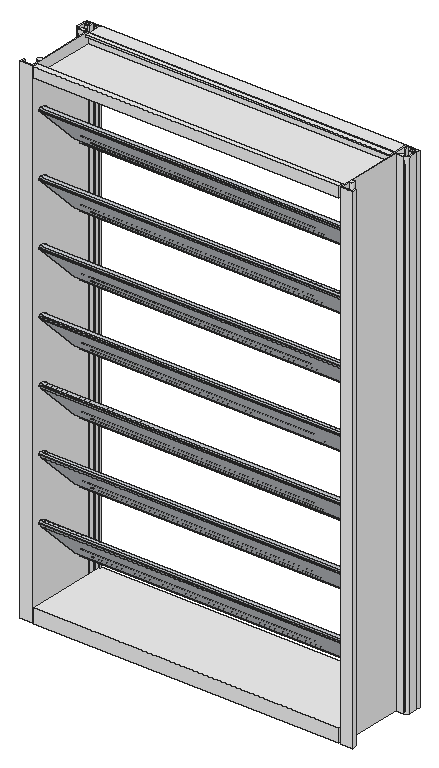
Revit family
Parameters (values of type "EAX-645")
  Width Control = if(Width < Min Width, Min Width, if(Width > Max Width, Max Width, Width))  # 2' - 0"
  Width = 2' - 0"
  Warranty = "http://www.alllite.com/cat/alllite_warranty.pdf"
  Velocity @ .15 in. wg Pressure Loss = "1272 fpm"  # constant formula
  URL = "http://alllite.com/"
  Specification = "http://alllite.com/cat/exa-645%20csi%20specification.doc"
  Screen Frame = "Removable"  # constant formula
  Product URL = "http://alllite.com/catalog.php?model=EXA-645+"
  Pressure Loss @ Beginning Point of Water Penetration = "0.11 in. wg."  # constant formula
  Operating Temperature Range = "-20°F to +180°F (-7°C to +82°C)"  # constant formula
  Omni Class Title = "Exterior Louvers & Grilles"  # constant formula
  Omni Class Code = "23-60 11 17"  # constant formula
  Mullion = "Visible"  # constant formula
  Modeled By [instance] = "http://commensestudio.com/"
  Maximum Size - Multiple Section = "Unlimited"  # constant formula
  Linkage = "Concealed in frame."  # constant formula
  Free Area Velocity @ Beginning Point of Water Penetration = "1085 fpm"  # constant formula
  Free Area = "[48'' x 48'' unit] : 8.1 ft² 50.4%"  # constant formula
  Design Load = "25 psf"  # constant formula
  Screen = "1/2'' x .063'' (12.7 x 1.6) expanded and flattened aluminum"  # constant formula
  Model = "EXA-645"  # constant formula
  Minimum Size = "5'' x 9''"  # constant formula
  Min Width = 1' - 0"  # constant formula
  Min Height = 1' - 0"  # constant formula
  Maximum Size - Single Section = "60' x 96' (single section) Unlimited (multiple section)'"  # constant formula
  Max Width = 5' - 0"  # constant formula
  Max Height = 10' - 0"  # constant formula
  Manufacturer = "All-Lite"  # constant formula
  Louver Count = (Height Control - 0' 4") / 0' 4 7/8"  # 7
  Louver = Mill finish, 6063-T5 Extruded Aluminum
  Height Control = if(Height < Min Height, Min Height, if(Height > Max Height, Max Height, Height))  # 3' - 0"
  Height = 3' - 0"
  Frame = "6'' deep x .081 ga thick (152 x 2) channel"  # constant formula
  Default Height = 4' - 0"
  Cut Sheet = "http://alllite.com/cat/exa-645.pdf"
  Blades = "Front- 37.5° x .081'' (2) thick  drainable style Back- 45° x .125'' (3) thick operable airfoil style"  # constant formula
  Blade Width = Width Control - 0' 2"  # 1' - 10"
  Bearings = "Synthetic"  # constant formula
  Axles = "1/2'' (13) diameter steel hex"  # constant formula
  Assembly Code = "B2010300"
  Air Volume Delivered @ Beginning Point of Water Penetration = "8756 cfm"  # constant formula
  95 CSI = "10200"  # constant formula
  04 CSI = "08 91 00"  # constant formula
Reference planes (in)
  plane 1: y = 0
  plane 2 "Center (Left/Right)": x = 0
  plane 3 "Wall Edge": y = 6
  plane 4: z = 48
  plane 5: x = 12
  plane 6: x = -12
  plane 7 "t": z = 84
  plane 8: z = 83.25
  plane 9: x = 11
  plane 10: x = -11
  plane 11: z = 49
  plane 12: y = 6
  plane 13: z = 81
Forms (in)
  Sweep 1, solid, material "Mill finish, 6063-T5 Extruded Aluminum" <- "Louver"
    path origin (0, 6, 96) x (1, 0, 0) y (0, 0, -1)
      loop
        line (11, 48) -> (-11, 48)
    profile "Frame Profile : 6"" origin (0, 6, 48) x (0, 0, -1) y (0, -1, 0)
      loop
        line (-1, 6) -> (-1, 0) -> (0, 0) -> (0, 0.375) -> (-0.08203, 0.375) -> (-0.08203, 0.08203) -> (-0.91797, 0.08203) -> (-0.91797, 5.91797) -> (-0.08203, 5.91797) -> (-0.08203, 5.625) -> (0, 5.625) -> (0, 6) -> (-1, 6)
  Sweep 2, solid, material "Mill finish, 6063-T5 Extruded Aluminum" <- "Louver"
    path origin (0, 6, 0) x (1, 0, 0) y (0, 0, 1)
      loop
        line (12, 84) -> (12, 48)
    profile "Frame Profile Vertical : 6"" origin (12, 6, 66) x (1, 0, 0) y (0, -1, 0)
      loop
        line (0, 6) -> (-0.88659, 6) -> (-0.88659, 0.99705) -> (-0.69781, 0.99705)
        arc (-0.69781, 0.99705) -> (-0.67078, 0.98739) -> (-0.656, 0.96279) r 0.04264
        arc (-0.656, 0.96279) -> (-0.48357, 0.82272) -> (-0.31357, 0.96572) r 0.17433
        arc (-0.31357, 0.96572) -> (-0.30046, 0.98819) -> (-0.276, 0.99705) r 0.03819
        line (-0.276, 0.99705) -> (-0.22553, 0.99705)
        arc (-0.22553, 0.99705) -> (-0.13235, 0.95845) -> (-0.09375, 0.86526) r 0.13178
        line (-0.09375, 0.86526) -> (-0.09375, 0.40986) -> (-0.42394, 0.40986)
        arc (-0.42394, 0.40986) -> (-0.46463, 0.393) -> (-0.48149, 0.35231) r 0.05755
        line (-0.48149, 0.35231) -> (-0.48149, 0.08203) -> (-0.79284, 0.08203) -> (-0.79284, 0.24255)
        arc (-0.79284, 0.24255) -> (-0.83043, 0.28014) -> (-0.86803, 0.24255) r 0.03759
        line (-0.86803, 0.24255) -> (-0.86803, 0.08203) -> (-1, 0.08203) -> (-1, 0) -> (0, 0) -> (0, 0.22884) -> (-0.08203, 0.22884) -> (-0.08203, 0.18822) -> (-0.1803, 0.18822) -> (-0.1803, 0.08203) -> (-0.31073, 0.08203) -> (-0.31073, 0.18822) -> (-0.40481, 0.18822) -> (-0.40481, 0.33575) -> (0, 0.33575) -> (0, 0.86526)
        arc (0, 0.86526) -> (-0.06606, 1.02474) -> (-0.22553, 1.0908) r 0.22553
        line (-0.22553, 1.0908) -> (-0.79284, 1.0908) -> (-0.79284, 4.97855)
        arc (-0.79284, 4.97855) -> (-0.55111, 5.15618) -> (-0.79284, 5.33381) r 0.18613
        line (-0.79284, 5.33381) -> (-0.79284, 5.91797) -> (-0.08203, 5.91797) -> (-0.08203, 5.70403) -> (0, 5.70403) -> (0, 6)
  Sweep 3, solid, material "Mill finish, 6063-T5 Extruded Aluminum" <- "Louver"
    path origin (0, 6, 0) x (-1, 0, 0) y (0, 0, 1)
      loop
        line (12, 84) -> (12, 48)
    profile "Frame Profile Vertical : 6"" origin (-12, 6, 66) x (1, 0, 0) y (0, -1, 0)
      loop
        line (0, 6) -> (0, 5.70403) -> (0.08203, 5.70403) -> (0.08203, 5.91797) -> (0.79284, 5.91797) -> (0.79284, 5.33381)
        arc (0.79284, 5.33381) -> (0.55111, 5.15618) -> (0.79284, 4.97855) r 0.18613
        line (0.79284, 4.97855) -> (0.79284, 1.0908) -> (0.22553, 1.0908)
        arc (0.22553, 1.0908) -> (0.06606, 1.02474) -> (0, 0.86526) r 0.22553
        line (0, 0.86526) -> (0, 0.33575) -> (0.40481, 0.33575) -> (0.40481, 0.18822) -> (0.31073, 0.18822) -> (0.31073, 0.08203) -> (0.1803, 0.08203) -> (0.1803, 0.18822) -> (0.08203, 0.18822) -> (0.08203, 0.22884) -> (0, 0.22884) -> (0, 0) -> (1, 0) -> (1, 0.08203) -> (0.86803, 0.08203) -> (0.86803, 0.24255)
        arc (0.86803, 0.24255) -> (0.83043, 0.28014) -> (0.79284, 0.24255) r 0.03759
        line (0.79284, 0.24255) -> (0.79284, 0.08203) -> (0.48149, 0.08203) -> (0.48149, 0.35231)
        arc (0.48149, 0.35231) -> (0.46463, 0.393) -> (0.42394, 0.40986) r 0.05755
        line (0.42394, 0.40986) -> (0.09375, 0.40986) -> (0.09375, 0.86526)
        arc (0.09375, 0.86526) -> (0.13235, 0.95845) -> (0.22553, 0.99705) r 0.13178
        line (0.22553, 0.99705) -> (0.276, 0.99705)
        arc (0.276, 0.99705) -> (0.30046, 0.98819) -> (0.31357, 0.96572) r 0.03819
        arc (0.31357, 0.96572) -> (0.48357, 0.82272) -> (0.656, 0.96279) r 0.17433
        arc (0.656, 0.96279) -> (0.67078, 0.98739) -> (0.69781, 0.99705) r 0.04264
        line (0.69781, 0.99705) -> (0.88659, 0.99705) -> (0.88659, 6) -> (0, 6)
  Sweep 4, solid, material "Mill finish, 6063-T5 Extruded Aluminum" <- "Louver"
    path origin (0, 6, 118.72255) x (1, 0, 0) y (0, 0, -1)
      loop
        line (11, 35.47255) -> (-11, 35.47255)
    profile origin (0, 6, 83.25) x (0, 0, -1) y (0, -1, 0)
      loop
        line (-0.75, 0) -> (0.25, 0) -> (1.03899, 0.78899) -> (0.9948, 0.83318) -> (0.22411, 0.0625) -> (-0.6875, 0.0625) -> (-0.6875, 0.9375) -> (2.1875, 0.9375) -> (2.1875, 0.0625) -> (1.13573, 0.0625) -> (1.13573, 0) -> (2.25, 0) -> (2.25, 1) -> (-0.75, 1) -> (-0.75, 0)
  Sweep 5, solid, material "Mill finish, 6063-T5 Extruded Aluminum" <- "Louver"
    path origin (0, 5, 0) x (1, 0, 0) y (0, 0, 1)
      loop
        line (-11, 84) -> (11, 84)
    profile "Frame Profile 3-4 : 5"" origin (0, 5, 84) x (0, 0, 1) y (0, -1, 0)
      loop
        line (-0.75, 5) -> (-0.75, 0) -> (0, 0) -> (0, 0.375) -> (-0.08203, 0.375) -> (-0.08203, 0.08203) -> (-0.66797, 0.08203) -> (-0.66797, 4.91797) -> (-0.08203, 4.91797) -> (-0.08203, 4.625) -> (0, 4.625) -> (0, 5) -> (-0.75, 5)
Lines and regions (in)
  Opening 1
    outline origin (-60, -6, 0) x (1, 0, 0) y (0, 0, 1)
      loop
        line (72, 84) -> (48, 84) -> (48, 48) -> (72, 48) -> (72, 84)
Text (in)
  text "Placement Side" at (0, 40.15149, 123.01588), in view "Right"
  text "Placement Side" at (-70.3804, 28.46503, 0), in view "Ref. Level"
  text "Placement Side" at (0, 81.62555, 140.59947), in view "Left"
Dimensions and locks (in)
  locked: plane 3 "Wall Edge" to host wall
  "Default Height": level to plane 4
  "Height Control": plane 4 to plane 7 "t"
  equal spacing: plane 6, plane 2 "Center (Left/Right)", plane 5
  "Width Control": plane 6 to plane 5
  plane 7 "t" to plane 4 = 3' - 0"
  equal spacing: group 1, group 3, group 4, group 5, group 6, group 7, group 2  (x2)
  equal spacing: group 2, group 7, group 6, group 5, group 4, group 3, group 1
  locked: plane 8 to plane 7 "t" at 0.75
  locked: plane 9 to plane 5 at 1
  locked: plane 10 to plane 6 at 1
  locked: plane 11 to plane 4 at 1
  locked: plane 7 "t" to plane 13 at 3
  aligned and locked: plane 7 "t" to Opening 1 sketch curve
  aligned and locked: Opening 1 sketch curve to plane 5
  aligned and locked: Opening 1 sketch curve to plane 4
  aligned and locked: plane 6 to Opening 1 sketch curve
  aligned and locked: Sweep 1 sketch curve to plane 4
  aligned and locked: Sweep 2 sketch curve to plane 5
  aligned and locked: nested 1 to plane 2 "Center (Left/Right)"
  aligned and locked: plane 7 "t" to Sweep 2 sketch curve
  aligned and locked: plane 4 to Sweep 2 sketch curve
  aligned and locked: plane 7 "t" to Sweep 3 sketch curve
  aligned and locked: plane 4 to Sweep 3 sketch curve
  aligned and locked: plane 9 to Sweep 1 sketch curve
  aligned and locked: plane 10 to Sweep 1 sketch curve
  aligned and locked: plane 11 to nested 2
  aligned and locked: nested 2 to plane 12
  aligned and locked: Sweep 1 to plane 11
  aligned and locked: nested 1 to plane 12
  aligned and locked: plane 13 to nested 1
  aligned and locked: plane 9 to Sweep 5 sketch curve
  aligned and locked: plane 10 to Sweep 5 sketch curve
  aligned and locked: plane 10 to Sweep 4 sketch curve
  aligned and locked: plane 9 to Sweep 4 sketch curve
Automatic sketch dimensions
  plane 6 to Sweep 3 sketch curve = 0' - 0"
  Sweep 5 sketch curve to plane 7 "t" = 0' - 0"
  plane 7 "t" to Sweep 4 sketch curve = 0' - 0 3/4"
  Sweep 4 sketch curve to plane 3 "Wall Edge" = 0' - 0"  (x2)
  profile plane to Sweep 4 sketch curve = 0' - 0 3/4"
  Sweep 4 sketch curve to Sweep 4 sketch curve = 0' - 0 1/16"  (x3)
  Sweep 4 sketch curve to profile plane = 0' - 0.22411"
  Sweep 4 sketch curve to Sweep 4 sketch curve = 0' - 0.02589"
  Sweep 4 sketch curve to Sweep 4 sketch curve = 0' - 0.04419"  (x2)
  Sweep 4 sketch curve to Sweep 4 sketch curve = 0' - 0.09674"
  plane 3 "Wall Edge" to Sweep 4 sketch curve = 0' - 0 1/16"
  Sweep 4 sketch curve to Sweep 4 sketch curve = 0' - 1.05177"
  Sweep 4 sketch curve to Sweep 4 sketch curve = 0' - 0.72649"
  Sweep 4 sketch curve to Sweep 4 sketch curve = 0' - 0 7/8"
Nested families (in)
  nested 1: "Louver_645" at (0, 6, 75.70935), type "Louver_645"
  nested 2: "Louver_645" at (0, 6, 49), type "Louver_645"
  nested 3: "Louver_645" at (0, 6, 71.25779), type "Louver_645"
  nested 4: "Louver_645" at (0, 6, 66.80623), type "Louver_645"
  nested 5: "Louver_645" at (0, 6, 62.35468), type "Louver_645"
  nested 6: "Louver_645" at (0, 6, 57.90312), type "Louver_645"
  nested 7: "Louver_645" at (0, 6, 53.45156), type "Louver_645"
Definition of nested family "Louver_645"
  Parameters (values of type "Louver_645")
    W = 1' - 10"
    Louver = Galvannealed Steel
    Blade = Galvannealed Steel
    Assembly Code = ""
  Reference planes (in)
    plane 1 "Center (Front/Back)": y = 0
    plane 2: z = 0
    plane 3 "Center (Left/Right)": x = 0
    plane 4: x = -11
    plane 5: x = 11
    plane 6: z = 0
    plane 7: z = 5.29065
  Forms (in)
    Sweep 1, solid
      path origin (0, 0, 0) x (1, 0, 0) y (0, 1, 0)
        loop
          line (-11, 0) -> (11, 0)
      profile origin (0, 0, 0) x (0, 1, 0) y (0, 0, 1)
        loop
          line (0.06125, 1.28028) -> (0.06125, 0.55391)
          arc (0.06125, 0.55391) -> (0.08377, 0.51716) -> (0.12674, 0.52054) r 0.04125
          line (0.12674, 0.52054) -> (0.92475, 1.10033)
          arc (0.92475, 1.10033) -> (0.96122, 1.14303) -> (0.97432, 1.19763) r 0.12026
          line (0.97432, 1.19763) -> (0.97432, 1.35867) -> (1.13327, 1.47415)
          arc (1.13327, 1.47415) -> (1.40079, 1.39972) -> (1.41267, 1.67715) r 0.17729
          line (1.41267, 1.67715) -> (1.76739, 1.93487) -> (1.76739, 1.59598)
          arc (1.76739, 1.59598) -> (1.81426, 1.54911) -> (1.86114, 1.59598) r 0.04688
          line (1.86114, 1.59598) -> (1.86114, 1.94302)
          arc (1.86114, 1.94302) -> (1.89747, 1.92626) -> (1.93359, 1.94348) r 0.04712
          arc (1.93359, 1.94348) -> (2.11486, 2.16168) -> (2.29859, 2.37783) r 25.15173
          line (2.29859, 2.37783) -> (2.45854, 2.21788)
          arc (2.45854, 2.21788) -> (2.38056, 2.15151) -> (2.3023, 2.08548) r 23.5313
          arc (2.3023, 2.08548) -> (2.24802, 2.09025) -> (2.24316, 2.03598) r 0.03856
          line (2.24316, 2.03598) -> (2.30322, 1.964)
          arc (2.30322, 1.964) -> (3.87354, 3.39889) -> (5.30843, 4.9692) r 23.62505
          arc (5.30843, 4.9692) -> (5.41829, 5.09785) -> (5.53108, 5.22395) r 7.37124
          arc (5.53108, 5.22395) -> (5.54017, 5.26013) -> (5.51489, 5.28757) r 0.03925
          arc (5.51489, 5.28757) -> (5.51102, 5.34623) -> (5.46215, 5.37891) r 0.06651
          arc (5.46215, 5.37891) -> (5.30301, 5.38062) -> (5.14807, 5.34422) r 0.66057
          arc (5.14807, 5.34422) -> (5.13024, 5.3142) -> (5.15601, 5.29065) r 0.02765
          arc (5.15601, 5.29065) -> (5.17453, 5.29162) -> (5.19239, 5.2966) r 0.08461
          arc (5.19239, 5.2966) -> (5.31149, 5.32371) -> (5.43312, 5.31247) r 0.38825
          line (5.43312, 5.31247) -> (5.26018, 5.13953) -> (5.13305, 5.26665) -> (5.09734, 5.23094) -> (5.06838, 5.2599) -> (4.80798, 5.03353)
          arc (4.80798, 5.03353) -> (3.27102, 3.58004) -> (1.86114, 2.00298) r 25.24548
          line (1.86114, 2.00298) -> (1.86114, 2.05206)
          arc (1.86114, 2.05206) -> (1.84255, 2.08239) -> (1.8071, 2.0796) r 0.03404
          line (1.8071, 2.0796) -> (0.88057, 1.40644) -> (0.88057, 1.18412) -> (0.155, 0.65695) -> (0.155, 1.28028)
          arc (0.155, 1.28028) -> (0.10812, 1.32715) -> (0.06125, 1.28028) r 0.04687
        loop
          circle (1.29658, 1.54315) r 0.05265
        loop
          arc (4.85509, 4.95025) -> (3.56194, 3.74185) -> (2.35698, 2.4455) r 25.15173
          line (2.35698, 2.4455) -> (2.52638, 2.27609)
          arc (2.52638, 2.27609) -> (3.82303, 3.48097) -> (5.02544, 4.7799) r 23.5313
          line (5.02544, 4.7799) -> (4.85509, 4.95025)
        loop
          arc (5.08154, 4.84552) -> (5.15922, 4.93719) -> (5.23644, 5.02926) r 23.5313
          line (5.23644, 5.02926) -> (5.08829, 5.15287) -> (4.92026, 5.0068) -> (5.08154, 4.84552)
  Dimensions and locks (in)
    plane 5 to plane 4 = 1' - 10"
    equal spacing: plane 4, plane 3 "Center (Left/Right)", plane 5
    "W": plane 4 to plane 5
    aligned and locked: plane 2 to level
    aligned and locked: plane 5 to Sweep 1 sketch curve
    aligned and locked: plane 4 to Sweep 1 sketch curve
  Automatic sketch dimensions
    plane 1 "Center (Front/Back)" to Sweep 1 sketch curve = 0' - 0"
    Sweep 1 sketch curve to Sweep 1 sketch curve = 0' - 0"  (x19)
    profile plane to Sweep 1 sketch curve = 1' - 0.83189"
    Sweep 1 sketch curve to profile plane = 0' - 0.06125"
    Sweep 1 sketch curve to Sweep 1 sketch curve = 0' - 0.04125"
    Sweep 1 sketch curve to Sweep 1 sketch curve = 0' - 0 3/64"  (x2)
    Sweep 1 sketch curve to Sweep 1 sketch curve = 0' - 0.02424"
    Sweep 1 sketch curve to Sweep 1 sketch curve = 0' - 0.69906"
    Sweep 1 sketch curve to Sweep 1 sketch curve = 0' - 0.02651"
    Sweep 1 sketch curve to Sweep 1 sketch curve = 0' - 0.04418"
    Sweep 1 sketch curve to Sweep 1 sketch curve = 0' - 0 3/32"
    Sweep 1 sketch curve to Sweep 1 sketch curve = 0' - 0.15894"
    Sweep 1 sketch curve to Sweep 1 sketch curve = 0' - 0.16331"
    Sweep 1 sketch curve to Sweep 1 sketch curve = 0' - 0.11609"
    Sweep 1 sketch curve to Sweep 1 sketch curve = 0' - 0.35472"
    Sweep 1 sketch curve to Sweep 1 sketch curve = 0' - 0.03971"
    Sweep 1 sketch curve to Sweep 1 sketch curve = 0' - 0.02001"
    Sweep 1 sketch curve to Sweep 1 sketch curve = 0' - 0.03404"
    Sweep 1 sketch curve to Sweep 1 sketch curve = 0' - 0.03603"
    Sweep 1 sketch curve to Sweep 1 sketch curve = 0' - 0.03642"
    Sweep 1 sketch curve to Sweep 1 sketch curve = 0' - 0.30957"
    Sweep 1 sketch curve to Sweep 1 sketch curve = 0' - 0.02961"
    Sweep 1 sketch curve to Sweep 1 sketch curve = 0' - 0.02582"
    Sweep 1 sketch curve to Sweep 1 sketch curve = 0' - 0.02953"
    Sweep 1 sketch curve to Sweep 1 sketch curve = 0' - 0.06006"
    Sweep 1 sketch curve to Sweep 1 sketch curve = 0' - 0.05838"
    Sweep 1 sketch curve to Sweep 1 sketch curve = 0' - 0 5/32"
    Sweep 1 sketch curve to Sweep 1 sketch curve = 0' - 0.06784"
    Sweep 1 sketch curve to Sweep 1 sketch curve = 0' - 2.451"
    Sweep 1 sketch curve to Sweep 1 sketch curve = 0' - 0.04711"
    Sweep 1 sketch curve to Sweep 1 sketch curve = 0' - 0.06517"
    Sweep 1 sketch curve to Sweep 1 sketch curve = 0' - 0.17035"
    Sweep 1 sketch curve to Sweep 1 sketch curve = 0' - 0.14812"
    Sweep 1 sketch curve to Sweep 1 sketch curve = 0' - 0.0561"
    Sweep 1 sketch curve to Sweep 1 sketch curve = 0' - 0.01991"
    Sweep 1 sketch curve to Sweep 1 sketch curve = 0' - 0.02896"
    Sweep 1 sketch curve to Sweep 1 sketch curve = 0' - 0.03571"
    Sweep 1 sketch curve to Sweep 1 sketch curve = 0' - 0.01502"
    Sweep 1 sketch curve to Sweep 1 sketch curve = 0' - 0.02296"
    Sweep 1 sketch curve to Sweep 1 sketch curve = 0' - 0.00159"
    Sweep 1 sketch curve to Sweep 1 sketch curve = 0' - 0.01279"
    Sweep 1 sketch curve to Sweep 1 sketch curve = 0' - 0.03638"
    Sweep 1 sketch curve to Sweep 1 sketch curve = 0' - 0.14815"
    Sweep 1 sketch curve to Sweep 1 sketch curve = 0' - 0.02373"
    Sweep 1 sketch curve to Sweep 1 sketch curve = 0' - 0.07199"  (x2)
    Sweep 1 sketch curve to Sweep 1 sketch curve = 0' - 0.02861"
    Sweep 1 sketch curve to Sweep 1 sketch curve = 0' - 0.03849"
    Sweep 1 sketch curve to Sweep 1 sketch curve = 0' - 0.24074"
    Sweep 1 sketch curve to Sweep 1 sketch curve = 0' - 0.02031"
    Sweep 1 sketch curve to Sweep 1 sketch curve = 0' - 0.00872"
    Sweep 1 sketch curve to Sweep 1 sketch curve = 0' - 0.0487"
    Sweep 1 sketch curve to Sweep 1 sketch curve = 0' - 0.01276"
    Sweep 1 sketch curve to Sweep 1 sketch curve = 0' - 0.02895"
    level to Sweep 1 sketch curve = 0' - 0.2469"
    Sweep 1 sketch curve to Sweep 1 sketch curve = 0' - 5.59285"
    Sweep 1 sketch curve to Sweep 1 sketch curve = 0' - 10.40212"
    Sweep 1 sketch curve to level = 1' - 2.01948"
    level to Sweep 1 sketch curve = 0' - 0.52054"
    Sweep 1 sketch curve to Sweep 1 sketch curve = 0' - 0.10304"
    Sweep 1 sketch curve to Sweep 1 sketch curve = 0' - 0.44338"
    Sweep 1 sketch curve to Sweep 1 sketch curve = 0' - 0.01351"
    Sweep 1 sketch curve to Sweep 1 sketch curve = 0' - 0.62332"
    Sweep 1 sketch curve to Sweep 1 sketch curve = 0' - 0.16104"
    Sweep 1 sketch curve to Sweep 1 sketch curve = 0' - 0.04777"
    Sweep 1 sketch curve to Sweep 1 sketch curve = 0' - 0.11548"
    Sweep 1 sketch curve to Sweep 1 sketch curve = 0' - 0.069"
    Sweep 1 sketch curve to Sweep 1 sketch curve = 0' - 0.08116"
    Sweep 1 sketch curve to Sweep 1 sketch curve = 0' - 0.33888"
    Sweep 1 sketch curve to Sweep 1 sketch curve = 0' - 0.00815"
    Sweep 1 sketch curve to Sweep 1 sketch curve = 0' - 0.02052"
    Sweep 1 sketch curve to Sweep 1 sketch curve = 0' - 0.02959"
    Sweep 1 sketch curve to Sweep 1 sketch curve = 0' - 0.04908"
    Sweep 1 sketch curve to Sweep 1 sketch curve = 0' - 0.0247"
    Sweep 1 sketch curve to Sweep 1 sketch curve = 0' - 0.05821"
    Sweep 1 sketch curve to Sweep 1 sketch curve = 0' - 0.06766"
    Sweep 1 sketch curve to Sweep 1 sketch curve = 0' - 0.24515"
    Sweep 1 sketch curve to Sweep 1 sketch curve = 0' - 0.05654"
    Sweep 1 sketch curve to Sweep 1 sketch curve = 0' - 0.11027"
    Sweep 1 sketch curve to Sweep 1 sketch curve = 0' - 0.07807"
    Sweep 1 sketch curve to Sweep 1 sketch curve = 0' - 0.06561"
    radius of Sweep 1 sketch curve = 0' - 0.05265"
